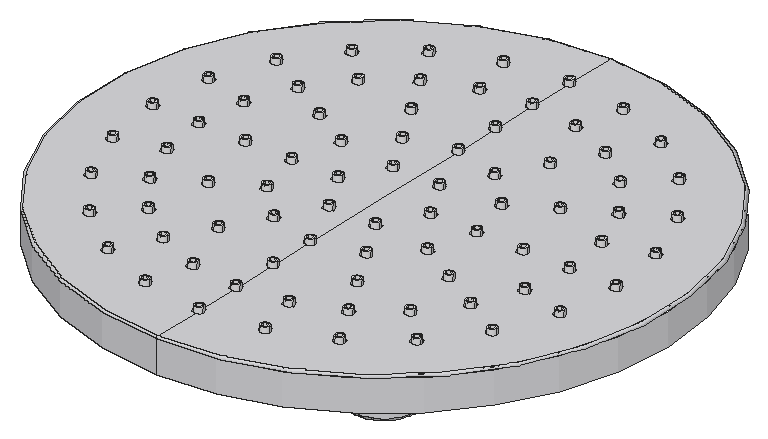
Revit family "Shower-Showerhead-KOHLER-Katalyst_Air-K-18358A_1", category Plumbing Fixtures, host Face, Revit 2017 (continued)
Definition of nested family "K-18358A"
  Lines and regions (in)
    symbolic lines, detail levels medium+fine
      curve 277: arc (0.61252, -1.06092, 0) -> (0.58526, -1.16264, 0) -> (0.68699, -1.1899, 0) r 0.07447
      curve 278: arc (1.76502, -0.97539, 0) -> (1.68943, -0.8998, 0) -> (1.61384, -0.97539, 0) r 0.07559
      curve 279: arc (1.74849, -0.97539, 0) -> (1.68943, -0.91634, 0) -> (1.63038, -0.97539, 0) r 0.05906
      curve 280: arc (1.65006, -0.97539, 0) -> (1.68943, -0.93602, 0) -> (1.7288, -0.97539, 0) r 0.03937
      curve 281: arc (1.7288, -0.97539, 0) -> (1.68943, -1.01476, 0) -> (1.65006, -0.97539, 0) r 0.03937
      curve 282: arc (1.63038, -0.97539, 0) -> (1.68943, -1.03445, 0) -> (1.74849, -0.97539, 0) r 0.05906
      curve 283: arc (1.61384, -0.97539, 0) -> (1.68943, -1.05099, 0) -> (1.76502, -0.97539, 0) r 0.07559
      curve 284: arc (-0.88083, 3.14036, 0) -> (-0.84146, 3.10099, 0) -> (-0.80209, 3.14036, 0) r 0.03937
      curve 285: arc (-0.80209, 3.14036, 0) -> (-0.84146, 3.17973, 0) -> (-0.88083, 3.14036, 0) r 0.03937
      curve 286: arc (-0.90051, 3.14036, 0) -> (-0.84146, 3.19941, 0) -> (-0.7824, 3.14036, 0) r 0.05906
      curve 287: arc (-0.91705, 3.14036, 0) -> (-0.84146, 3.21595, 0) -> (-0.76587, 3.14036, 0) r 0.07559
      curve 288: arc (-0.76587, 3.14036, 0) -> (-0.84146, 3.06477, 0) -> (-0.91705, 3.14036, 0) r 0.07559
      curve 289: arc (-0.7824, 3.14036, 0) -> (-0.84146, 3.0813, 0) -> (-0.90051, 3.14036, 0) r 0.05906
      curve 290: arc (-0.71285, 2.51348, 0) -> (-0.67348, 2.47411, 0) -> (-0.63411, 2.51348, 0) r 0.03937
      curve 291: arc (-0.63411, 2.51348, 0) -> (-0.67348, 2.55285, 0) -> (-0.71285, 2.51348, 0) r 0.03937
      curve 292: arc (-0.73254, 2.51348, 0) -> (-0.67348, 2.57253, 0) -> (-0.61443, 2.51348, 0) r 0.05906
      curve 293: arc (-0.74907, 2.51348, 0) -> (-0.67348, 2.58907, 0) -> (-0.59789, 2.51348, 0) r 0.07559
      curve 294: arc (-0.61443, 2.51348, 0) -> (-0.67348, 2.45442, 0) -> (-0.73254, 2.51348, 0) r 0.05906
      curve 295: arc (-0.59789, 2.51348, 0) -> (-0.67348, 2.43789, 0) -> (-0.74907, 2.51348, 0) r 0.07559
      curve 296: arc (-0.68912, 1.12541, 0) -> (-0.64975, 1.08604, 0) -> (-0.61038, 1.12541, 0) r 0.03937
      curve 297: arc (-0.5907, 1.12541, 0) -> (-0.64975, 1.06635, 0) -> (-0.70881, 1.12541, 0) r 0.05906
      curve 298: arc (-0.61252, 1.06092, 0) -> (-0.71425, 1.08817, 0) -> (-0.68699, 1.1899, 0) r 0.07447
      curve 299: arc (-0.61038, 1.12541, 0) -> (-0.64975, 1.16478, 0) -> (-0.68912, 1.12541, 0) r 0.03937
      curve 300: arc (-0.70881, 1.12541, 0) -> (-0.64975, 1.18446, 0) -> (-0.5907, 1.12541, 0) r 0.05906
      curve 301: arc (-0.68699, 1.1899, 0) -> (-0.58526, 1.16264, 0) -> (-0.61252, 1.06092, 0) r 0.07447
      curve 302: arc (-0.93816, 1.62494, 0) -> (-1.03989, 1.6522, 0) -> (-1.01263, 1.75392, 0) r 0.07447
      curve 303: arc (-1.01263, 1.75392, 0) -> (-0.9109, 1.72667, 0) -> (-0.93816, 1.62494, 0) r 0.07447
      curve 304: arc (-1.03445, 1.68943, 0) -> (-0.97539, 1.74849, 0) -> (-0.91634, 1.68943, 0) r 0.05906
      curve 305: arc (-0.91634, 1.68943, 0) -> (-0.97539, 1.63038, 0) -> (-1.03445, 1.68943, 0) r 0.05906
      curve 306: arc (-1.01476, 1.68943, 0) -> (-0.97539, 1.65006, 0) -> (-0.93602, 1.68943, 0) r 0.03937
      curve 307: arc (-0.93602, 1.68943, 0) -> (-0.97539, 1.7288, 0) -> (-1.01476, 1.68943, 0) r 0.03937
      curve 308: arc (-1.33827, 2.31795, 0) -> (-1.23654, 2.29069, 0) -> (-1.2638, 2.18897, 0) r 0.07447
      curve 309: arc (-1.36009, 2.25346, 0) -> (-1.30103, 2.31251, 0) -> (-1.24198, 2.25346, 0) r 0.05906
      curve 310: arc (-1.26166, 2.25346, 0) -> (-1.30103, 2.29283, 0) -> (-1.3404, 2.25346, 0) r 0.03937
      curve 311: arc (-1.3404, 2.25346, 0) -> (-1.30103, 2.21409, 0) -> (-1.26166, 2.25346, 0) r 0.03937
      curve 312: arc (-1.24198, 2.25346, 0) -> (-1.30103, 2.1944, 0) -> (-1.36009, 2.25346, 0) r 0.05906
      curve 313: arc (-1.2638, 2.18897, 0) -> (-1.36553, 2.21622, 0) -> (-1.33827, 2.31795, 0) r 0.07447
      curve 314: arc (-1.68573, 2.81748, 0) -> (-1.62667, 2.87654, 0) -> (-1.56762, 2.81748, 0) r 0.05906
      curve 315: arc (-1.56762, 2.81748, 0) -> (-1.62667, 2.75843, 0) -> (-1.68573, 2.81748, 0) r 0.05906
      curve 316: arc (-1.66604, 2.81748, 0) -> (-1.62667, 2.77811, 0) -> (-1.5873, 2.81748, 0) r 0.03937
      curve 317: arc (-1.5873, 2.81748, 0) -> (-1.62667, 2.85685, 0) -> (-1.66604, 2.81748, 0) r 0.03937
      curve 318: arc (-1.58944, 2.75299, 0) -> (-1.69117, 2.78025, 0) -> (-1.66391, 2.88198, 0) r 0.07447
      curve 319: arc (-1.66391, 2.88198, 0) -> (-1.56218, 2.85472, 0) -> (-1.58944, 2.75299, 0) r 0.07447
      curve 320: arc (-2.23859, 2.30001, 0) -> (-2.29764, 2.24095, 0) -> (-2.3567, 2.30001, 0) r 0.05906
      curve 321: arc (-2.33701, 2.30001, 0) -> (-2.29764, 2.26064, 0) -> (-2.25827, 2.30001, 0) r 0.03937
      curve 322: arc (-2.25827, 2.30001, 0) -> (-2.29764, 2.33938, 0) -> (-2.33701, 2.30001, 0) r 0.03937
      curve 323: arc (-2.3567, 2.30001, 0) -> (-2.29764, 2.35906, 0) -> (-2.23859, 2.30001, 0) r 0.05906
      curve 324: arc (-2.37323, 2.30001, 0) -> (-2.29764, 2.3756, 0) -> (-2.22205, 2.30001, 0) r 0.07559
      curve 325: arc (-2.22205, 2.30001, 0) -> (-2.29764, 2.22442, 0) -> (-2.37323, 2.30001, 0) r 0.07559
      curve 326: arc (-1.87751, 1.83994, 0) -> (-1.83814, 1.80057, 0) -> (-1.79877, 1.83994, 0) r 0.03937
      curve 327: arc (-1.79877, 1.83994, 0) -> (-1.83814, 1.87931, 0) -> (-1.87751, 1.83994, 0) r 0.03937
      curve 328: arc (-1.89719, 1.83994, 0) -> (-1.83814, 1.89899, 0) -> (-1.77908, 1.83994, 0) r 0.05906
      curve 329: arc (-1.91373, 1.83994, 0) -> (-1.83814, 1.91553, 0) -> (-1.76255, 1.83994, 0) r 0.07559
      curve 330: arc (-1.76255, 1.83994, 0) -> (-1.83814, 1.76435, 0) -> (-1.91373, 1.83994, 0) r 0.07559
      curve 331: arc (-1.77908, 1.83994, 0) -> (-1.83814, 1.78088, 0) -> (-1.89719, 1.83994, 0) r 0.05906
      curve 332: arc (-2.73935, 1.62521, 0) -> (-2.81494, 1.54962, 0) -> (-2.89053, 1.62521, 0) r 0.07559
      curve 333: arc (-2.75588, 1.62521, 0) -> (-2.81494, 1.56615, 0) -> (-2.874, 1.62521, 0) r 0.05906
      curve 334: arc (-2.874, 1.62521, 0) -> (-2.81494, 1.56615, 0) -> (-2.75588, 1.62521, 0) r 0.05906
      curve 335: arc (-2.75588, 1.62521, 0) -> (-2.81494, 1.68426, 0) -> (-2.874, 1.62521, 0) r 0.05906
      curve 336: arc (-2.89053, 1.62521, 0) -> (-2.81494, 1.7008, 0) -> (-2.73935, 1.62521, 0) r 0.07559
      curve 337: arc (-2.77557, 1.62521, 0) -> (-2.81494, 1.66458, 0) -> (-2.85431, 1.62521, 0) r 0.03937
      curve 338: arc (-2.85431, 1.62521, 0) -> (-2.81494, 1.58584, 0) -> (-2.77557, 1.62521, 0) r 0.03937
      curve 339: arc (-2.29074, 1.29983, 0) -> (-2.25137, 1.26046, 0) -> (-2.212, 1.29983, 0) r 0.03937
      curve 340: arc (-2.212, 1.29983, 0) -> (-2.25137, 1.3392, 0) -> (-2.29074, 1.29983, 0) r 0.03937
      curve 341: arc (-2.31042, 1.29983, 0) -> (-2.25137, 1.35888, 0) -> (-2.19231, 1.29983, 0) r 0.05906
      curve 342: arc (-2.32698, 1.29983, 0) -> (-2.25137, 1.37544, 0) -> (-2.17575, 1.29983, 0) r 0.07561
      curve 343: arc (-2.17575, 1.29983, 0) -> (-2.25137, 1.22422, 0) -> (-2.32698, 1.29983, 0) r 0.07561
      curve 344: arc (-2.19231, 1.29983, 0) -> (-2.25137, 1.24077, 0) -> (-2.31042, 1.29983, 0) r 0.05906
      curve 345: arc (-1.65006, 0.97539, 0) -> (-1.68943, 1.01476, 0) -> (-1.7288, 0.97539, 0) r 0.03937
      curve 346: arc (-1.74849, 0.97539, 0) -> (-1.68943, 1.03445, 0) -> (-1.63038, 0.97539, 0) r 0.05906
      curve 347: arc (-1.76502, 0.97539, 0) -> (-1.68943, 1.05099, 0) -> (-1.61384, 0.97539, 0) r 0.07559
      curve 348: arc (-1.61384, 0.97539, 0) -> (-1.68943, 0.8998, 0) -> (-1.76502, 0.97539, 0) r 0.07559
      curve 349: arc (-1.63038, 0.97539, 0) -> (-1.68943, 0.91634, 0) -> (-1.74849, 0.97539, 0) r 0.05906
      curve 350: arc (-1.7288, 0.97539, 0) -> (-1.68943, 0.93602, 0) -> (-1.65006, 0.97539, 0) r 0.03937
      curve 351: arc (-1.08557, 0.64948, 0) -> (-1.12494, 0.68885, 0) -> (-1.16431, 0.64948, 0) r 0.03937
      curve 352: arc (-1.16431, 0.64948, 0) -> (-1.12494, 0.61011, 0) -> (-1.08557, 0.64948, 0) r 0.03937
      curve 353: arc (-1.06588, 0.64948, 0) -> (-1.12494, 0.59043, 0) -> (-1.18399, 0.64948, 0) r 0.05906
      curve 354: arc (-1.04935, 0.64948, 0) -> (-1.12494, 0.57389, 0) -> (-1.20053, 0.64948, 0) r 0.07559
      curve 355: arc (-1.18399, 0.64948, 0) -> (-1.12494, 0.70854, 0) -> (-1.06588, 0.64948, 0) r 0.05906
      curve 356: arc (-1.20053, 0.64948, 0) -> (-1.12494, 0.72507, 0) -> (-1.04935, 0.64948, 0) r 0.07559
      curve 357: arc (-2.55073, 0.67292, 0) -> (-2.51136, 0.63355, 0) -> (-2.47198, 0.67292, 0) r 0.03937
      curve 358: arc (-2.47198, 0.67292, 0) -> (-2.51136, 0.71229, 0) -> (-2.55073, 0.67292, 0) r 0.03937
      curve 359: arc (-2.57041, 0.67292, 0) -> (-2.51136, 0.73197, 0) -> (-2.4523, 0.67292, 0) r 0.05906
      curve 360: arc (-2.58659, 0.67292, 0) -> (-2.51136, 0.74815, 0) -> (-2.43612, 0.67292, 0) r 0.07524
      curve 361: arc (-2.4523, 0.67292, 0) -> (-2.51136, 0.61386, 0) -> (-2.57041, 0.67292, 0) r 0.05906
      curve 362: arc (-2.43612, 0.67292, 0) -> (-2.51136, 0.59768, 0) -> (-2.58659, 0.67292, 0) r 0.07524
      curve 363: arc (-3.19791, 0.84105, 0) -> (-3.13885, 0.782, 0) -> (-3.0798, 0.84105, 0) r 0.05906
      curve 364: arc (-3.0798, 0.84105, 0) -> (-3.13885, 0.90011, 0) -> (-3.19791, 0.84105, 0) r 0.05906
      curve 365: arc (-3.21444, 0.84105, 0) -> (-3.13885, 0.91664, 0) -> (-3.06326, 0.84105, 0) r 0.07559
      curve 366: arc (-3.17822, 0.84105, 0) -> (-3.13885, 0.80168, 0) -> (-3.09948, 0.84105, 0) r 0.03937
      curve 367: arc (-3.09948, 0.84105, 0) -> (-3.13885, 0.88042, 0) -> (-3.17822, 0.84105, 0) r 0.03937
      curve 368: arc (-3.06326, 0.84105, 0) -> (-3.13885, 0.76546, 0) -> (-3.21444, 0.84105, 0) r 0.07559
      curve 369: arc (-0.88083, -3.14036, 0) -> (-0.84146, -3.10099, 0) -> (-0.80209, -3.14036, 0) r 0.03937
      curve 370: arc (-0.80209, -3.14036, 0) -> (-0.84146, -3.17973, 0) -> (-0.88083, -3.14036, 0) r 0.03937
      curve 371: arc (-0.90051, -3.14036, 0) -> (-0.84146, -3.19941, 0) -> (-0.7824, -3.14036, 0) r 0.05906
      curve 372: arc (-0.91705, -3.14036, 0) -> (-0.84146, -3.21595, 0) -> (-0.76587, -3.14036, 0) r 0.07559
      curve 373: arc (-0.76587, -3.14036, 0) -> (-0.84146, -3.06477, 0) -> (-0.91705, -3.14036, 0) r 0.07559
      curve 374: arc (-0.7824, -3.14036, 0) -> (-0.84146, -3.0813, 0) -> (-0.90051, -3.14036, 0) r 0.05906
      curve 375: arc (-0.71285, -2.51348, 0) -> (-0.67348, -2.47411, 0) -> (-0.63411, -2.51348, 0) r 0.03937
      curve 376: arc (-0.63411, -2.51348, 0) -> (-0.67348, -2.55285, 0) -> (-0.71285, -2.51348, 0) r 0.03937
      curve 377: arc (-0.73254, -2.51348, 0) -> (-0.67348, -2.57253, 0) -> (-0.61443, -2.51348, 0) r 0.05906
      curve 378: arc (-0.74907, -2.51348, 0) -> (-0.67348, -2.58907, 0) -> (-0.59789, -2.51348, 0) r 0.07559
      curve 379: arc (-0.61443, -2.51348, 0) -> (-0.67348, -2.45442, 0) -> (-0.73254, -2.51348, 0) r 0.05906
      curve 380: arc (-0.59789, -2.51348, 0) -> (-0.67348, -2.43789, 0) -> (-0.74907, -2.51348, 0) r 0.07559
      curve 381: arc (-0.68912, -1.12541, 0) -> (-0.64975, -1.08604, 0) -> (-0.61038, -1.12541, 0) r 0.03937
      curve 382: arc (-0.5907, -1.12541, 0) -> (-0.64975, -1.06635, 0) -> (-0.70881, -1.12541, 0) r 0.05906
      curve 383: arc (-0.61252, -1.06092, 0) -> (-0.71425, -1.08817, 0) -> (-0.68699, -1.1899, 0) r 0.07447
      curve 384: arc (-0.61038, -1.12541, 0) -> (-0.64975, -1.16478, 0) -> (-0.68912, -1.12541, 0) r 0.03937
      curve 385: arc (-0.70881, -1.12541, 0) -> (-0.64975, -1.18446, 0) -> (-0.5907, -1.12541, 0) r 0.05906
      curve 386: arc (-0.68699, -1.1899, 0) -> (-0.58526, -1.16264, 0) -> (-0.61252, -1.06092, 0) r 0.07447
      curve 387: arc (-0.93816, -1.62494, 0) -> (-1.03989, -1.6522, 0) -> (-1.01263, -1.75392, 0) r 0.07447
      curve 388: arc (-1.01263, -1.75392, 0) -> (-0.9109, -1.72667, 0) -> (-0.93816, -1.62494, 0) r 0.07447
      curve 389: arc (-1.03445, -1.68943, 0) -> (-0.97539, -1.74849, 0) -> (-0.91634, -1.68943, 0) r 0.05906
      curve 390: arc (-0.91634, -1.68943, 0) -> (-0.97539, -1.63038, 0) -> (-1.03445, -1.68943, 0) r 0.05906
      curve 391: arc (-1.01476, -1.68943, 0) -> (-0.97539, -1.65006, 0) -> (-0.93602, -1.68943, 0) r 0.03937
      curve 392: arc (-0.93602, -1.68943, 0) -> (-0.97539, -1.7288, 0) -> (-1.01476, -1.68943, 0) r 0.03937
      curve 393: arc (-1.33827, -2.31795, 0) -> (-1.23654, -2.29069, 0) -> (-1.2638, -2.18897, 0) r 0.07447
      curve 394: arc (-1.36009, -2.25346, 0) -> (-1.30103, -2.31251, 0) -> (-1.24198, -2.25346, 0) r 0.05906
      curve 395: arc (-1.26166, -2.25346, 0) -> (-1.30103, -2.29283, 0) -> (-1.3404, -2.25346, 0) r 0.03937
      curve 396: arc (-1.3404, -2.25346, 0) -> (-1.30103, -2.21409, 0) -> (-1.26166, -2.25346, 0) r 0.03937
      curve 397: arc (-1.24198, -2.25346, 0) -> (-1.30103, -2.1944, 0) -> (-1.36009, -2.25346, 0) r 0.05906
      curve 398: arc (-1.2638, -2.18897, 0) -> (-1.36553, -2.21622, 0) -> (-1.33827, -2.31795, 0) r 0.07447
      curve 399: arc (-1.68573, -2.81748, 0) -> (-1.62667, -2.87654, 0) -> (-1.56762, -2.81748, 0) r 0.05906
      curve 400: arc (-1.56762, -2.81748, 0) -> (-1.62667, -2.75843, 0) -> (-1.68573, -2.81748, 0) r 0.05906
      curve 401: arc (-1.66604, -2.81748, 0) -> (-1.62667, -2.77811, 0) -> (-1.5873, -2.81748, 0) r 0.03937
      curve 402: arc (-1.5873, -2.81748, 0) -> (-1.62667, -2.85685, 0) -> (-1.66604, -2.81748, 0) r 0.03937
      curve 403: arc (-1.58944, -2.75299, 0) -> (-1.69117, -2.78025, 0) -> (-1.66391, -2.88198, 0) r 0.07447
      curve 404: arc (-1.66391, -2.88198, 0) -> (-1.56218, -2.85472, 0) -> (-1.58944, -2.75299, 0) r 0.07447
      curve 405: arc (-2.23859, -2.30001, 0) -> (-2.29764, -2.24095, 0) -> (-2.3567, -2.30001, 0) r 0.05906
      curve 406: arc (-2.33701, -2.30001, 0) -> (-2.29764, -2.26064, 0) -> (-2.25827, -2.30001, 0) r 0.03937
      curve 407: arc (-2.25827, -2.30001, 0) -> (-2.29764, -2.33938, 0) -> (-2.33701, -2.30001, 0) r 0.03937
      curve 408: arc (-2.3567, -2.30001, 0) -> (-2.29764, -2.35906, 0) -> (-2.23859, -2.30001, 0) r 0.05906
      curve 409: arc (-2.37323, -2.30001, 0) -> (-2.29764, -2.3756, 0) -> (-2.22205, -2.30001, 0) r 0.07559
      curve 410: arc (-2.22205, -2.30001, 0) -> (-2.29764, -2.22442, 0) -> (-2.37323, -2.30001, 0) r 0.07559
      curve 411: arc (-1.87751, -1.83994, 0) -> (-1.83814, -1.80057, 0) -> (-1.79877, -1.83994, 0) r 0.03937
      curve 412: arc (-1.79877, -1.83994, 0) -> (-1.83814, -1.87931, 0) -> (-1.87751, -1.83994, 0) r 0.03937
      curve 413: arc (-1.89719, -1.83994, 0) -> (-1.83814, -1.89899, 0) -> (-1.77908, -1.83994, 0) r 0.05906
      curve 414: arc (-1.91373, -1.83994, 0) -> (-1.83814, -1.91553, 0) -> (-1.76255, -1.83994, 0) r 0.07559
      curve 415: arc (-1.76255, -1.83994, 0) -> (-1.83814, -1.76435, 0) -> (-1.91373, -1.83994, 0) r 0.07559
      curve 416: arc (-1.77908, -1.83994, 0) -> (-1.83814, -1.78088, 0) -> (-1.89719, -1.83994, 0) r 0.05906
      curve 417: arc (-2.73935, -1.62521, 0) -> (-2.81494, -1.54962, 0) -> (-2.89053, -1.62521, 0) r 0.07559
      curve 418: arc (-2.75588, -1.62521, 0) -> (-2.81494, -1.56615, 0) -> (-2.874, -1.62521, 0) r 0.05906
      curve 419: arc (-2.874, -1.62521, 0) -> (-2.81494, -1.56615, 0) -> (-2.75588, -1.62521, 0) r 0.05906
      curve 420: arc (-2.75588, -1.62521, 0) -> (-2.81494, -1.68426, 0) -> (-2.874, -1.62521, 0) r 0.05906
      curve 421: arc (-2.89053, -1.62521, 0) -> (-2.81494, -1.7008, 0) -> (-2.73935, -1.62521, 0) r 0.07559
      curve 422: arc (-2.77557, -1.62521, 0) -> (-2.81494, -1.66458, 0) -> (-2.85431, -1.62521, 0) r 0.03937
      curve 423: arc (-2.85431, -1.62521, 0) -> (-2.81494, -1.58584, 0) -> (-2.77557, -1.62521, 0) r 0.03937
      curve 424: arc (-2.29074, -1.29983, 0) -> (-2.25137, -1.26046, 0) -> (-2.212, -1.29983, 0) r 0.03937
      curve 425: arc (-2.212, -1.29983, 0) -> (-2.25137, -1.3392, 0) -> (-2.29074, -1.29983, 0) r 0.03937
      curve 426: arc (-2.31042, -1.29983, 0) -> (-2.25137, -1.35888, 0) -> (-2.19231, -1.29983, 0) r 0.05906
      curve 427: arc (-2.32698, -1.29983, 0) -> (-2.25137, -1.37544, 0) -> (-2.17575, -1.29983, 0) r 0.07561
      curve 428: arc (-2.17575, -1.29983, 0) -> (-2.25137, -1.22422, 0) -> (-2.32698, -1.29983, 0) r 0.07561
      curve 429: arc (-2.19231, -1.29983, 0) -> (-2.25137, -1.24077, 0) -> (-2.31042, -1.29983, 0) r 0.05906
      curve 430: arc (-1.65006, -0.97539, 0) -> (-1.68943, -1.01476, 0) -> (-1.7288, -0.97539, 0) r 0.03937
      curve 431: arc (-1.74849, -0.97539, 0) -> (-1.68943, -1.03445, 0) -> (-1.63038, -0.97539, 0) r 0.05906
      curve 432: arc (-1.76502, -0.97539, 0) -> (-1.68943, -1.05099, 0) -> (-1.61384, -0.97539, 0) r 0.07559
      curve 433: arc (-1.61384, -0.97539, 0) -> (-1.68943, -0.8998, 0) -> (-1.76502, -0.97539, 0) r 0.07559
      curve 434: arc (-1.63038, -0.97539, 0) -> (-1.68943, -0.91634, 0) -> (-1.74849, -0.97539, 0) r 0.05906
      curve 435: arc (-1.7288, -0.97539, 0) -> (-1.68943, -0.93602, 0) -> (-1.65006, -0.97539, 0) r 0.03937
      curve 436: arc (-1.08557, -0.64948, 0) -> (-1.12494, -0.68885, 0) -> (-1.16431, -0.64948, 0) r 0.03937
      curve 437: arc (-1.16431, -0.64948, 0) -> (-1.12494, -0.61011, 0) -> (-1.08557, -0.64948, 0) r 0.03937
      curve 438: arc (-1.06588, -0.64948, 0) -> (-1.12494, -0.59043, 0) -> (-1.18399, -0.64948, 0) r 0.05906
      curve 439: arc (-1.04935, -0.64948, 0) -> (-1.12494, -0.57389, 0) -> (-1.20053, -0.64948, 0) r 0.07559
      curve 440: arc (-1.18399, -0.64948, 0) -> (-1.12494, -0.70854, 0) -> (-1.06588, -0.64948, 0) r 0.05906
      curve 441: arc (-1.20053, -0.64948, 0) -> (-1.12494, -0.72507, 0) -> (-1.04935, -0.64948, 0) r 0.07559
      curve 442: arc (-2.55073, -0.67292, 0) -> (-2.51136, -0.63355, 0) -> (-2.47198, -0.67292, 0) r 0.03937
      curve 443: arc (-2.47198, -0.67292, 0) -> (-2.51136, -0.71229, 0) -> (-2.55073, -0.67292, 0) r 0.03937
      curve 444: arc (-2.57041, -0.67292, 0) -> (-2.51136, -0.73197, 0) -> (-2.4523, -0.67292, 0) r 0.05906
      curve 445: arc (-2.58659, -0.67292, 0) -> (-2.51136, -0.74815, 0) -> (-2.43612, -0.67292, 0) r 0.07524
      curve 446: arc (-2.4523, -0.67292, 0) -> (-2.51136, -0.61386, 0) -> (-2.57041, -0.67292, 0) r 0.05906
      curve 447: arc (-2.43612, -0.67292, 0) -> (-2.51136, -0.59768, 0) -> (-2.58659, -0.67292, 0) r 0.07524
      curve 448: arc (-3.19791, -0.84105, 0) -> (-3.13885, -0.782, 0) -> (-3.0798, -0.84105, 0) r 0.05906
      curve 449: arc (-3.0798, -0.84105, 0) -> (-3.13885, -0.90011, 0) -> (-3.19791, -0.84105, 0) r 0.05906
      curve 450: arc (-3.21444, -0.84105, 0) -> (-3.13885, -0.91664, 0) -> (-3.06326, -0.84105, 0) r 0.07559
      curve 451: arc (-3.17822, -0.84105, 0) -> (-3.13885, -0.80168, 0) -> (-3.09948, -0.84105, 0) r 0.03937
      curve 452: arc (-3.09948, -0.84105, 0) -> (-3.13885, -0.88042, 0) -> (-3.17822, -0.84105, 0) r 0.03937
      curve 453: arc (-3.06326, -0.84105, 0) -> (-3.13885, -0.76546, 0) -> (-3.21444, -0.84105, 0) r 0.07559
      curve 454: arc (0.88083, -3.14036, 0) -> (0.84146, -3.10099, 0) -> (0.80209, -3.14036, 0) r 0.03937
      curve 455: arc (0.80209, -3.14036, 0) -> (0.84146, -3.17973, 0) -> (0.88083, -3.14036, 0) r 0.03937
      curve 456: arc (0.90051, -3.14036, 0) -> (0.84146, -3.19941, 0) -> (0.7824, -3.14036, 0) r 0.05906
      curve 457: arc (0.91705, -3.14036, 0) -> (0.84146, -3.21595, 0) -> (0.76587, -3.14036, 0) r 0.07559
      curve 458: arc (0.76587, -3.14036, 0) -> (0.84146, -3.06477, 0) -> (0.91705, -3.14036, 0) r 0.07559
      curve 459: arc (0.7824, -3.14036, 0) -> (0.84146, -3.0813, 0) -> (0.90051, -3.14036, 0) r 0.05906
      curve 460: arc (0.71285, -2.51348, 0) -> (0.67348, -2.47411, 0) -> (0.63411, -2.51348, 0) r 0.03937
      curve 461: arc (0.63411, -2.51348, 0) -> (0.67348, -2.55285, 0) -> (0.71285, -2.51348, 0) r 0.03937
      curve 462: arc (0.73254, -2.51348, 0) -> (0.67348, -2.57253, 0) -> (0.61443, -2.51348, 0) r 0.05906
      curve 463: arc (0.74907, -2.51348, 0) -> (0.67348, -2.58907, 0) -> (0.59789, -2.51348, 0) r 0.07559
      curve 464: arc (0.61443, -2.51348, 0) -> (0.67348, -2.45442, 0) -> (0.73254, -2.51348, 0) r 0.05906
      curve 465: arc (0.59789, -2.51348, 0) -> (0.67348, -2.43789, 0) -> (0.74907, -2.51348, 0) r 0.07559
      curve 466: arc (0.68912, -1.12541, 0) -> (0.64975, -1.08604, 0) -> (0.61038, -1.12541, 0) r 0.03937
      curve 467: arc (0.5907, -1.12541, 0) -> (0.64975, -1.06635, 0) -> (0.70881, -1.12541, 0) r 0.05906
      curve 468: arc (0.61252, -1.06092, 0) -> (0.71425, -1.08817, 0) -> (0.68699, -1.1899, 0) r 0.07447
      curve 469: arc (0.61038, -1.12541, 0) -> (0.64975, -1.16478, 0) -> (0.68912, -1.12541, 0) r 0.03937
      curve 470: arc (0.70881, -1.12541, 0) -> (0.64975, -1.18446, 0) -> (0.5907, -1.12541, 0) r 0.05906
      curve 471: arc (0.68699, -1.1899, 0) -> (0.58526, -1.16264, 0) -> (0.61252, -1.06092, 0) r 0.07447
      curve 472: arc (0.93816, -1.62494, 0) -> (1.03989, -1.6522, 0) -> (1.01263, -1.75392, 0) r 0.07447
      curve 473: arc (1.01263, -1.75392, 0) -> (0.9109, -1.72667, 0) -> (0.93816, -1.62494, 0) r 0.07447
      curve 474: arc (1.03445, -1.68943, 0) -> (0.97539, -1.74849, 0) -> (0.91634, -1.68943, 0) r 0.05906
      curve 475: arc (0.91634, -1.68943, 0) -> (0.97539, -1.63038, 0) -> (1.03445, -1.68943, 0) r 0.05906
      curve 476: arc (1.01476, -1.68943, 0) -> (0.97539, -1.65006, 0) -> (0.93602, -1.68943, 0) r 0.03937
      curve 477: arc (0.93602, -1.68943, 0) -> (0.97539, -1.7288, 0) -> (1.01476, -1.68943, 0) r 0.03937
      curve 478: arc (1.33827, -2.31795, 0) -> (1.23654, -2.29069, 0) -> (1.2638, -2.18897, 0) r 0.07447
      curve 479: arc (1.36009, -2.25346, 0) -> (1.30103, -2.31251, 0) -> (1.24198, -2.25346, 0) r 0.05906
      curve 480: arc (1.26166, -2.25346, 0) -> (1.30103, -2.29283, 0) -> (1.3404, -2.25346, 0) r 0.03937
      curve 481: arc (1.3404, -2.25346, 0) -> (1.30103, -2.21409, 0) -> (1.26166, -2.25346, 0) r 0.03937
      curve 482: arc (1.24198, -2.25346, 0) -> (1.30103, -2.1944, 0) -> (1.36009, -2.25346, 0) r 0.05906
      curve 483: arc (1.2638, -2.18897, 0) -> (1.36553, -2.21622, 0) -> (1.33827, -2.31795, 0) r 0.07447
      curve 484: arc (1.68573, -2.81748, 0) -> (1.62667, -2.87654, 0) -> (1.56762, -2.81748, 0) r 0.05906
      curve 485: arc (1.56762, -2.81748, 0) -> (1.62667, -2.75843, 0) -> (1.68573, -2.81748, 0) r 0.05906
      curve 486: arc (1.66604, -2.81748, 0) -> (1.62667, -2.77811, 0) -> (1.5873, -2.81748, 0) r 0.03937
      curve 487: arc (1.5873, -2.81748, 0) -> (1.62667, -2.85685, 0) -> (1.66604, -2.81748, 0) r 0.03937
      curve 488: arc (1.58944, -2.75299, 0) -> (1.69117, -2.78025, 0) -> (1.66391, -2.88198, 0) r 0.07447
      curve 489: arc (1.66391, -2.88198, 0) -> (1.56218, -2.85472, 0) -> (1.58944, -2.75299, 0) r 0.07447
      curve 490: arc (2.23859, -2.30001, 0) -> (2.29764, -2.24095, 0) -> (2.3567, -2.30001, 0) r 0.05906
      curve 491: arc (2.33701, -2.30001, 0) -> (2.29764, -2.26064, 0) -> (2.25827, -2.30001, 0) r 0.03937
      curve 492: arc (2.25827, -2.30001, 0) -> (2.29764, -2.33938, 0) -> (2.33701, -2.30001, 0) r 0.03937
      curve 493: arc (2.3567, -2.30001, 0) -> (2.29764, -2.35906, 0) -> (2.23859, -2.30001, 0) r 0.05906
      curve 494: arc (2.37323, -2.30001, 0) -> (2.29764, -2.3756, 0) -> (2.22205, -2.30001, 0) r 0.07559
      curve 495: arc (2.22205, -2.30001, 0) -> (2.29764, -2.22442, 0) -> (2.37323, -2.30001, 0) r 0.07559
      curve 496: arc (1.87751, -1.83994, 0) -> (1.83814, -1.80057, 0) -> (1.79877, -1.83994, 0) r 0.03937
      curve 497: arc (1.79877, -1.83994, 0) -> (1.83814, -1.87931, 0) -> (1.87751, -1.83994, 0) r 0.03937
      curve 498: arc (1.89719, -1.83994, 0) -> (1.83814, -1.89899, 0) -> (1.77908, -1.83994, 0) r 0.05906
      curve 499: arc (1.91373, -1.83994, 0) -> (1.83814, -1.91553, 0) -> (1.76255, -1.83994, 0) r 0.07559
      curve 500: arc (1.76255, -1.83994, 0) -> (1.83814, -1.76435, 0) -> (1.91373, -1.83994, 0) r 0.07559
      curve 501: arc (1.77908, -1.83994, 0) -> (1.83814, -1.78088, 0) -> (1.89719, -1.83994, 0) r 0.05906
      curve 502: arc (2.73935, -1.62521, 0) -> (2.81494, -1.54962, 0) -> (2.89053, -1.62521, 0) r 0.07559
      curve 503: arc (2.75588, -1.62521, 0) -> (2.81494, -1.56615, 0) -> (2.874, -1.62521, 0) r 0.05906
      curve 504: arc (2.874, -1.62521, 0) -> (2.81494, -1.56615, 0) -> (2.75588, -1.62521, 0) r 0.05906
      curve 505: arc (2.75588, -1.62521, 0) -> (2.81494, -1.68426, 0) -> (2.874, -1.62521, 0) r 0.05906
      curve 506: arc (2.89053, -1.62521, 0) -> (2.81494, -1.7008, 0) -> (2.73935, -1.62521, 0) r 0.07559
      curve 507: arc (2.77557, -1.62521, 0) -> (2.81494, -1.66458, 0) -> (2.85431, -1.62521, 0) r 0.03937
      curve 508: arc (2.85431, -1.62521, 0) -> (2.81494, -1.58584, 0) -> (2.77557, -1.62521, 0) r 0.03937
      curve 509: arc (2.29074, -1.29983, 0) -> (2.25137, -1.26046, 0) -> (2.212, -1.29983, 0) r 0.03937
      curve 510: arc (2.212, -1.29983, 0) -> (2.25137, -1.3392, 0) -> (2.29074, -1.29983, 0) r 0.03937
      curve 511: arc (2.31042, -1.29983, 0) -> (2.25137, -1.35888, 0) -> (2.19231, -1.29983, 0) r 0.05906
      curve 512: arc (2.32698, -1.29983, 0) -> (2.25137, -1.37544, 0) -> (2.17575, -1.29983, 0) r 0.07561
      curve 513: arc (2.17575, -1.29983, 0) -> (2.25137, -1.22422, 0) -> (2.32698, -1.29983, 0) r 0.07561
      curve 514: arc (2.19231, -1.29983, 0) -> (2.25137, -1.24077, 0) -> (2.31042, -1.29983, 0) r 0.05906
      curve 515: arc (1.65006, -0.97539, 0) -> (1.68943, -1.01476, 0) -> (1.7288, -0.97539, 0) r 0.03937
      curve 516: arc (1.74849, -0.97539, 0) -> (1.68943, -1.03445, 0) -> (1.63038, -0.97539, 0) r 0.05906
      curve 517: arc (1.76502, -0.97539, 0) -> (1.68943, -1.05099, 0) -> (1.61384, -0.97539, 0) r 0.07559
      curve 518: arc (1.61384, -0.97539, 0) -> (1.68943, -0.8998, 0) -> (1.76502, -0.97539, 0) r 0.07559
      curve 519: arc (1.63038, -0.97539, 0) -> (1.68943, -0.91634, 0) -> (1.74849, -0.97539, 0) r 0.05906
      curve 520: arc (1.7288, -0.97539, 0) -> (1.68943, -0.93602, 0) -> (1.65006, -0.97539, 0) r 0.03937
      curve 521: arc (1.08557, -0.64948, 0) -> (1.12494, -0.68885, 0) -> (1.16431, -0.64948, 0) r 0.03937
      curve 522: arc (1.16431, -0.64948, 0) -> (1.12494, -0.61011, 0) -> (1.08557, -0.64948, 0) r 0.03937
      curve 523: arc (1.06588, -0.64948, 0) -> (1.12494, -0.59043, 0) -> (1.18399, -0.64948, 0) r 0.05906
      curve 524: arc (1.04935, -0.64948, 0) -> (1.12494, -0.57389, 0) -> (1.20053, -0.64948, 0) r 0.07559
      curve 525: arc (1.18399, -0.64948, 0) -> (1.12494, -0.70854, 0) -> (1.06588, -0.64948, 0) r 0.05906
      curve 526: arc (1.20053, -0.64948, 0) -> (1.12494, -0.72507, 0) -> (1.04935, -0.64948, 0) r 0.07559
      curve 527: arc (2.55073, -0.67292, 0) -> (2.51136, -0.63355, 0) -> (2.47198, -0.67292, 0) r 0.03937
      curve 528: arc (2.47198, -0.67292, 0) -> (2.51136, -0.71229, 0) -> (2.55073, -0.67292, 0) r 0.03937
      curve 529: arc (2.57041, -0.67292, 0) -> (2.51136, -0.73197, 0) -> (2.4523, -0.67292, 0) r 0.05906
      curve 530: arc (2.58659, -0.67292, 0) -> (2.51136, -0.74815, 0) -> (2.43612, -0.67292, 0) r 0.07524
      curve 531: arc (2.4523, -0.67292, 0) -> (2.51136, -0.61386, 0) -> (2.57041, -0.67292, 0) r 0.05906
      curve 532: arc (2.43612, -0.67292, 0) -> (2.51136, -0.59768, 0) -> (2.58659, -0.67292, 0) r 0.07524
      curve 533: arc (3.19791, -0.84105, 0) -> (3.13885, -0.782, 0) -> (3.0798, -0.84105, 0) r 0.05906
      curve 534: arc (3.0798, -0.84105, 0) -> (3.13885, -0.90011, 0) -> (3.19791, -0.84105, 0) r 0.05906
      curve 535: arc (3.21444, -0.84105, 0) -> (3.13885, -0.91664, 0) -> (3.06326, -0.84105, 0) r 0.07559
      curve 536: arc (3.17822, -0.84105, 0) -> (3.13885, -0.80168, 0) -> (3.09948, -0.84105, 0) r 0.03937
      curve 537: arc (3.09948, -0.84105, 0) -> (3.13885, -0.88042, 0) -> (3.17822, -0.84105, 0) r 0.03937
      curve 538: arc (3.06326, -0.84105, 0) -> (3.13885, -0.76546, 0) -> (3.21444, -0.84105, 0) r 0.07559
      curve 539: arc (-3.17634, 0, 0) -> (-3.25193, 0.07559, 0) -> (-3.32752, 0, 0) r 0.07559
      curve 540: arc (-3.19288, 0, 0) -> (-3.25193, 0.05906, 0) -> (-3.31099, 0, 0) r 0.05906
      curve 541: arc (-3.31099, 0, 0) -> (-3.25193, 0.05906, 0) -> (-3.19288, 0, 0) r 0.05906
      curve 542: arc (-3.19288, 0, 0) -> (-3.25193, -0.05906, 0) -> (-3.31099, 0, 0) r 0.05906
      curve 543: arc (-3.31099, 0, 0) -> (-3.25193, -0.05906, 0) -> (-3.19288, 0, 0) r 0.05906
      curve 544: arc (-3.32752, 0, 0) -> (-3.25193, -0.07559, 0) -> (-3.17634, 0, 0) r 0.07559
      curve 545: arc (-3.21256, 0, 0) -> (-3.25193, -0.03937, 0) -> (-3.2913, 0, 0) r 0.03937
      curve 546: arc (-3.2913, 0, 0) -> (-3.25193, 0.03937, 0) -> (-3.21256, 0, 0) r 0.03937
      curve 547: arc (-2.6413, 0, 0) -> (-2.60193, 0.03937, 0) -> (-2.56256, 0, 0) r 0.03937
      curve 548: arc (-2.54288, 0, 0) -> (-2.60193, 0.05906, 0) -> (-2.66099, 0, 0) r 0.05906
      curve 549: arc (-2.52634, 0, 0) -> (-2.60193, 0.07559, 0) -> (-2.67752, 0, 0) r 0.07559
      curve 550: arc (-2.56256, 0, 0) -> (-2.60193, -0.03937, 0) -> (-2.6413, 0, 0) r 0.03937
      curve 551: arc (-2.66099, 0, 0) -> (-2.60193, -0.05906, 0) -> (-2.54288, 0, 0) r 0.05906
      curve 552: arc (-2.67752, 0, 0) -> (-2.60193, -0.07559, 0) -> (-2.52634, 0, 0) r 0.07559
      curve 553: arc (-1.98847, 0, 0) -> (-1.9491, 0.03937, 0) -> (-1.90973, 0, 0) r 0.03937
      curve 554: arc (-1.89004, 0, 0) -> (-1.9491, 0.05906, 0) -> (-2.00815, 0, 0) r 0.05906
      curve 555: arc (-1.87351, 0, 0) -> (-1.9491, 0.07559, 0) -> (-2.02469, 0, 0) r 0.07559
      curve 556: arc (-1.90973, 0, 0) -> (-1.9491, -0.03937, 0) -> (-1.98847, 0, 0) r 0.03937
      curve 557: arc (-2.00815, 0, 0) -> (-1.9491, -0.05906, 0) -> (-1.89004, 0, 0) r 0.05906
      curve 558: arc (-2.02469, 0, 0) -> (-1.9491, -0.07559, 0) -> (-1.87351, 0, 0) r 0.07559
      curve 559: arc (-1.33888, 0, 0) -> (-1.29951, 0.03937, 0) -> (-1.26014, 0, 0) r 0.03937
      curve 560: arc (-1.26014, 0, 0) -> (-1.29951, -0.03937, 0) -> (-1.33888, 0, 0) r 0.03937
      curve 561: arc (-1.35856, 0, 0) -> (-1.29951, -0.05906, 0) -> (-1.24045, 0, 0) r 0.05906
      curve 562: arc (-1.3751, 0, 0) -> (-1.29951, -0.07559, 0) -> (-1.22392, 0, 0) r 0.07559
      curve 563: arc (-1.24045, 0, 0) -> (-1.29951, 0.05906, 0) -> (-1.35856, 0, 0) r 0.05906
      curve 564: arc (-1.22392, 0, 0) -> (-1.29951, 0.07559, 0) -> (-1.3751, 0, 0) r 0.07559
      curve 565: arc (-0.57264, 0, 0) -> (-0.64823, 0.07559, 0) -> (-0.72382, 0, 0) r 0.07559
      curve 566: arc (-0.58917, 0, 0) -> (-0.64823, 0.05906, 0) -> (-0.70728, 0, 0) r 0.05906
      curve 567: arc (-0.6876, 0, 0) -> (-0.64823, 0.03937, 0) -> (-0.60886, 0, 0) r 0.03937
      curve 568: arc (-0.60886, 0, 0) -> (-0.64823, -0.03937, 0) -> (-0.6876, 0, 0) r 0.03937
      curve 569: arc (-0.70728, 0, 0) -> (-0.64823, -0.05906, 0) -> (-0.58917, 0, 0) r 0.05906
      curve 570: arc (-0.72382, 0, 0) -> (-0.64823, -0.07559, 0) -> (-0.57264, 0, 0) r 0.07559
      curve 571: arc (-0.25047, 0.56213, 0) -> (-0.32606, 0.63772, 0) -> (-0.40165, 0.56213, 0) r 0.07559
      curve 572: arc (-0.26701, 0.56213, 0) -> (-0.32606, 0.62119, 0) -> (-0.38512, 0.56213, 0) r 0.05906
      curve 573: arc (-0.36543, 0.56213, 0) -> (-0.32606, 0.6015, 0) -> (-0.28669, 0.56213, 0) r 0.03937
      curve 574: arc (-0.28669, 0.56213, 0) -> (-0.32606, 0.52276, 0) -> (-0.36543, 0.56213, 0) r 0.03937
      curve 575: arc (-0.38512, 0.56213, 0) -> (-0.32606, 0.50308, 0) -> (-0.26701, 0.56213, 0) r 0.05906
      curve 576: arc (-0.40165, 0.56213, 0) -> (-0.32606, 0.48654, 0) -> (-0.25047, 0.56213, 0) r 0.07559
      curve 577: arc (-0.36543, -0.56213, 0) -> (-0.32606, -0.52276, 0) -> (-0.28669, -0.56213, 0) r 0.03937
      curve 578: arc (-0.26701, -0.56213, 0) -> (-0.32606, -0.50308, 0) -> (-0.38512, -0.56213, 0) r 0.05906
      curve 579: arc (-0.25047, -0.56213, 0) -> (-0.32606, -0.48654, 0) -> (-0.40165, -0.56213, 0) r 0.07559
      curve 580: arc (-0.40165, -0.56213, 0) -> (-0.32606, -0.63772, 0) -> (-0.25047, -0.56213, 0) r 0.07559
      curve 581: arc (-0.28669, -0.56213, 0) -> (-0.32606, -0.6015, 0) -> (-0.36543, -0.56213, 0) r 0.03937
      curve 582: arc (-0.38512, -0.56213, 0) -> (-0.32606, -0.62119, 0) -> (-0.26701, -0.56213, 0) r 0.05906
      curve 583: arc (0, 3.93783, 0) -> (3.93783, 0, 0) -> (0, -3.93783, 0) r 3.93783
      curve 584: arc (0, -3.93783, 0) -> (-3.93783, 0, 0) -> (0, 3.93783, 0) r 3.93783
      curve 585: line (-0.7205, 0, 2.05535) -> (0.7205, 0, 2.05535)
      curve 586: line (0, 0.7205, 2.05535) -> (0, -0.7205, 2.05535)
      curve 587: line (-0.45407, 0, 0.53951) -> (0.45407, 0, 0.53951)
  Dimensions and locks (in)
    locked: plane 5 to level at 2.59843
    locked: plane 6 to plane 1 "Center (Front/Back)" at 3.99606
    locked: plane 6 to plane 4 at 7.99213
    plane 5 to level = 2.59843"
    locked: plane 9 to plane 3 "Center (Left/Right)" at 3.99606
    locked: plane 10 to plane 9 at 7.99213
    aligned and locked: plane 2 to level
    aligned and locked: curve 257 to Extrusion 4
